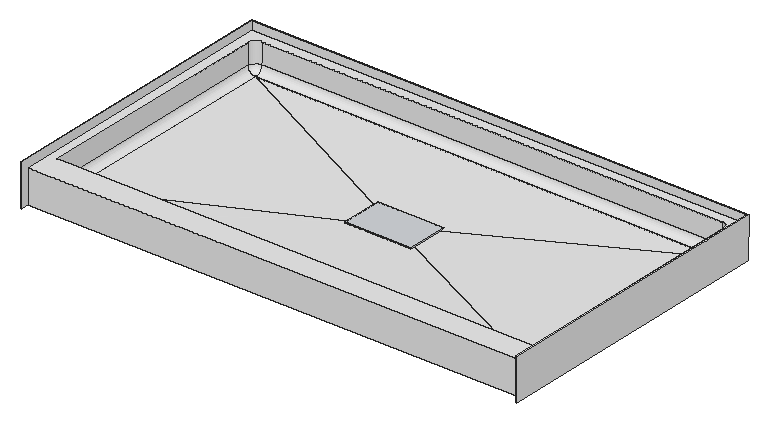
Revit family "P6034SQ.V2", category Plumbing Fixtures, Revit 2019
Family settings
  Round Connector Dimension = Use Diameter
  Part Type = Normal
  OmniClass Number = 23.45.05.14.17
  OmniClass Title = Showers
  Work Plane-Based = No
  Always vertical = Yes
  Cut with Voids When Loaded = No
  Shared = No
  Room Calculation Point = No
Parameters (values of type "P6034SQ.V2")
  Unit Width = 60"
  Unit Height = 5"
  Unit Depth = 35"
  URL = "http://www.bestbath.com/"
  Type Comments = "Remodeler"
  Model = "P6034SQ.V2"
  Material [instance] = Best Bath Gelcoat Fiberglass - Smooth
  Manufacturer = "Best Bath Systems, Inc."
  Keynote = "22 40 00.B3"
  Description = "Shower Pan"
  Assembly Code = "D2010710"
Reference planes (in)
  plane 1 "Back": y = -0.5
  plane 2: z = 0
  plane 3 "Left": x = 0
  plane 4: x = 60
  plane 5: z = 4
  plane 6: z = 5
  plane 7: x = 30
  plane 8: y = 33.5
  plane 9: y = 17.5
  plane 10: x = 1.25
  plane 11: x = 58.75
  plane 12: y = 32.25
  plane 13: z = 0.625
  plane 14: z = 0.25
  plane 15: y = -1.5
Forms (in)
  Extrusion 1, solid, material "Best Bath Gelcoat Fiberglass - Smooth"
    sketch origin (0, 0, 0) x (1, 0, 0) y (0, 1, 0)
      loop
        line (0, -0.5) -> (1.25, -0.5) -> (1.25, 31.25)
        arc (1.25, 31.25) -> (1.54289, 31.95711) -> (2.25, 32.25) r 1
        line (2.25, 32.25) -> (57.75, 32.25)
        arc (57.75, 32.25) -> (58.45711, 31.95711) -> (58.75, 31.25) r 1
        line (58.75, 31.25) -> (58.75, -0.5) -> (60, -0.5) -> (60, 33.5) -> (0, 33.5) -> (0, -0.5)
    from 0 to 4
  Extrusion 2, solid, material "Best Bath Gelcoat Fiberglass - Smooth"
    sketch origin (0, 0, 0) x (1, 0, 0) y (0, 1, 0)
      loop
        line (0, -0.5) -> (60, -0.5) -> (60, 33.5) -> (0, 33.5) -> (0, -0.5)
    from 0 to 0.625
  Sweep 3, solid, material "Best Bath Gelcoat Fiberglass - Smooth"
    path origin (0, 0, 0) x (1, 0, 0) y (0, 1, 0)
      loop
        line (58.75, -0.5) -> (58.75, 31.25)
        arc (58.75, 31.25) -> (58.45711, 31.95711) -> (57.75, 32.25) r 1
        line (57.75, 32.25) -> (2.25, 32.25)
        arc (2.25, 32.25) -> (1.54289, 31.95711) -> (1.25, 31.25) r 1
        line (1.25, 31.25) -> (1.25, -0.5)
    profile origin (1.25, 15.375, 0) x (1, 0, 0) y (0, 0, 1)
      loop
        line (0, 0.625) -> (0.9, 0.625)
        arc (0.9, 0.625) -> (0.2636, 0.8886) -> (0, 1.525) r 0.9
        line (0, 1.525) -> (0, 0.625)
  Blend 4, void
    base sketch origin (0, 0, 0) x (1, 0, 0) y (0, 1, 0)
      loop
        line (2.25, 3.5147) -> (57.75, 3.5147) -> (57.75, 31.25) -> (2.25, 31.25) -> (2.25, 3.5147)
    top sketch origin (0, 0, 0) x (1, 0, 0) y (0, 1, 0)
      loop
        circle (30, 17.5) r 0.10467
    from 0.625 to 0.25
  Sweep 5, solid, material "Best Bath Gelcoat Fiberglass - Smooth"
    path origin (0, 0, 0) x (1, 0, 0) y (0, 1, 0)
      loop
        line (1.25, -0.5) -> (58.75, -0.5)
    profile origin (30, -0.5, 0) x (0, 1, 0) y (0, 0, 1)
      loop
        line (0, 4) -> (0, 0) -> (4.11592, 0) -> (3.00305, 4) -> (0, 4)
  Extrusion 6, solid, material "Best Bath Gelcoat Fiberglass - Smooth"
    sketch origin (0, 0, 0) x (1, 0, 0) y (0, 1, 0)
      loop
        line (0, -1.5) -> (0.125, -1.5) -> (0.125, 33.375) -> (59.875, 33.375) -> (59.875, -1.5) -> (60, -1.5) -> (60, 33.5) -> (0, 33.5) -> (0, -1.5)
    from 0 to 5
  Extrusion 7, void
    sketch origin (0, 6, 0.625) x (0, 1, 0) y (1, 0, 0)
      loop
        line (14, 26) -> (14, 34) -> (9, 34) -> (9, 26) -> (14, 26)
    from 0 to 0.5
  Extrusion 8, void
    sketch origin (0, -4, 0.625) x (0, 1, 0) y (1, 0, 0)
      loop
        circle (21.5, 30) r 1.75
    from 0 to 1.25
  Extrusion 9, solid
    sketch origin (0.25, -0.25, 0.125) x (0, 1, 0) y (-1, 0, 0)
      loop
        line (20.25, -25.75) -> (15.25, -25.75) -> (15.25, -33.75) -> (20.25, -33.75) -> (20.25, -25.75)
    from 0 to 0.25
Cuts and joins
  Blend 4, Extrusion 7, Extrusion 8 cuts Extrusion 1
  Blend 4, Extrusion 7, Extrusion 8 cuts Extrusion 2
  Blend 4, Extrusion 7, Extrusion 8 cuts Sweep 3
  Extrusion 7, Extrusion 8 cuts Sweep 5
  Extrusion 7, Extrusion 8 cuts Extrusion 6
  joined: Extrusion 1, Extrusion 2, Sweep 3, Sweep 5, Extrusion 6
Dimensions and locks (in)
  "Unit Width": plane 3 "Left" to plane 4
  locked: plane 6 to plane 5 at 1
  "Unit Height": plane 6 to level
  plane 3 "Left" to plane 7 to plane 4 = 30", 30"
  locked: plane 8 to plane 12 at 1.25
  locked: plane 11 to plane 4 at 1.25
  locked: plane 3 "Left" to plane 10 at 1.25
  plane 8 to plane 9 = 16"
  locked: plane 13 to plane 14 at 0.375
  locked: plane 13 to level at 0.625
  locked: plane 15 to plane 1 "Back" at 1
  "Unit Depth": plane 8 to plane 15
  aligned and locked: level to plane 2
  aligned and locked: Sweep 3 to plane 13
  aligned and locked: Sweep 3 sketch curve to plane 13
  aligned and locked: Extrusion 2 to plane 13
  aligned and locked: plane 9 to Blend 4 sketch curve
  aligned and locked: plane 7 to Blend 4 sketch curve
  aligned and locked: Extrusion 2 to Blend 4
  aligned and locked: Blend 4 to plane 14
  aligned and locked: plane 5 to Extrusion 1
  aligned and locked: plane 5 to Sweep 5
  aligned and locked: plane 6 to Extrusion 6
  aligned and locked: cut or joined group of Extrusion 1, Extrusion 2, Sweep 3, Blend 4, Sweep 5, Extrusion 6, Extrusion 7, Extrusion 8 to Extrusion 9  (x2)
  aligned and locked: Extrusion 9 to cut or joined group of Extrusion 1, Extrusion 2, Sweep 3, Blend 4, Sweep 5, Extrusion 6, Extrusion 7, Extrusion 8  (x2)
Automatic sketch dimensions
  plane 1 "Back" to Extrusion 1 sketch curve = 0"  (x2)
  Extrusion 1 sketch curve to plane 3 "Left" = 0"
  Extrusion 1 sketch curve to plane 4 = 0"
  Extrusion 1 sketch curve to plane 8 = 0"
  Extrusion 1 sketch curve to plane 10 = 0"
  Extrusion 1 sketch curve to plane 12 = 0"
  Extrusion 1 sketch curve to plane 11 = 0"
  Extrusion 1 sketch curve to plane 12 = 1"
  plane 10 to Extrusion 1 sketch curve = 1"
  profile plane to Sweep 3 sketch curve = 0"
  Sweep 3 sketch curve to profile plane = 0.9"
  Sweep 3 sketch curve to plane 10 = 0"
  Sweep 3 sketch curve to plane 12 = 0"
  Sweep 3 sketch curve to plane 11 = 0"
  Sweep 3 sketch curve to plane 12 = 1"
  plane 1 "Back" to Sweep 3 sketch curve = 0"  (x2)
  plane 10 to Sweep 3 sketch curve = 1"
  plane 1 "Back" to Sweep 5 sketch curve = 0"
  Sweep 5 sketch curve to plane 10 = 0"
  Sweep 5 sketch curve to plane 11 = 0"
  Sweep 5 sketch curve to profile plane = 0"
  Sweep 5 sketch curve to level = 0"
  Sweep 5 sketch curve to profile plane = 3.00305"
  Sweep 5 sketch curve to profile plane = 4.11592"
  level to Sweep 5 sketch curve = 4"
  plane 10 to Blend 4 sketch curve = 1"
  Blend 4 sketch curve to plane 11 = 1"
  Blend 4 sketch curve to plane 1 "Back" = 4.0147"
  Blend 4 sketch curve to plane 12 = 1"
  Extrusion 6 sketch curve to plane 3 "Left" = 0"
  Extrusion 6 sketch curve to plane 15 = 0"  (x2)
  Extrusion 6 sketch curve to plane 4 = 0"
  Extrusion 6 sketch curve to plane 8 = 0"
  plane 3 "Left" to Extrusion 6 sketch curve = 1/8"
  plane 4 to Extrusion 6 sketch curve = 1/8"
  Extrusion 6 sketch curve to plane 8 = 1/8"
  Extrusion 2 sketch curve to plane 3 "Left" = 0"
  plane 1 "Back" to Extrusion 2 sketch curve = 0"
  Extrusion 2 sketch curve to plane 4 = 0"
  Extrusion 2 sketch curve to plane 8 = 0"
  Extrusion 7 sketch curve to Extrusion 2 = 15 1/2"
  Extrusion 7 sketch curve to Extrusion 7 sketch curve = 5"
  Extrusion 7 sketch curve to Extrusion 2 = 26"
  Extrusion 7 sketch curve to Extrusion 7 sketch curve = 8"
  Extrusion 8 sketch curve to Extrusion 2 = 16"
  Extrusion 8 sketch curve to Extrusion 2 = 30"
  Extrusion 9 sketch curve to Extrusion 7 = 0"  (x3)
  Extrusion 7 to Extrusion 9 sketch curve = 0"
  radius of Blend 4 sketch curve = 0.10467"
  radius of Extrusion 8 sketch curve = 1 3/4"
